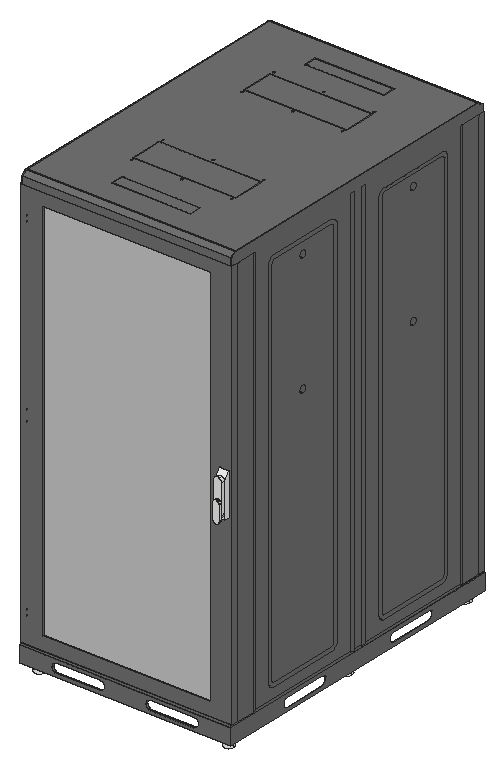
Revit family "800х1200", category Обобщенные модели, Revit 2019 (continued)
Definition of nested family "Дверь двустворчатая"
  Definition of nested family "Ручка"
    Forms (mm)
      Extrusion 2, solid, material <- "Материал Общий"
        sketch origin (0, 0, 0) x (1, 0, 0) y (0, 0, 1)
          loop
            line (-15, 710) -> (-15, 600)
            arc (-15, 600) -> (-10.607, 589.393) -> (0, 585) r 15
            arc (0, 585) -> (10.607, 589.393) -> (15, 600) r 15
            line (15, 600) -> (15, 710)
            arc (15, 710) -> (10.607, 720.607) -> (0, 725) r 15
        from 20 to 30
      Extrusion 3, solid, material <- "Материал Общий"
        sketch origin (0, 0, 0) x (1, 0, 0) y (0, 0, 1)
          loop
            line (-12, 638) -> (-12, 582)
            arc (-12, 582) -> (-8.485, 573.515) -> (0, 570) r 12
            arc (0, 570) -> (8.485, 573.515) -> (12, 582) r 12
            line (12, 582) -> (12, 638)
            arc (12, 638) -> (8.485, 646.485) -> (0, 650) r 12
            arc (0, 650) -> (-8.485, 646.485) -> (-12, 638) r 12
        from 30 to 38
    Cuts and joins
      joined: Blend 1, Extrusion 2, Extrusion 3
    Lines and regions (mm)
      model lines
        curve 1: line (-17, 0, 660) -> (17, 0, 660)
        curve 2: line (0, 0, 740) -> (0, 0, 580)
    Dimensions and locks
      locked: plane 4 to plane 1 "ТТТТ" at 20
      locked: plane 5 to plane 4 at 10
      locked: plane 6 to plane 5 at 8
      locked: plane 7 to plane 2 at 300
      aligned and locked: level to plane 2
      aligned and locked: plane 4 to Blend 1
      aligned and locked: Blend 1 to plane 1 "ТТТТ"
      aligned and locked: Extrusion 2 to plane 4
      aligned and locked: plane 5 to Extrusion 2
      aligned and locked: Extrusion 3 to plane 5
      aligned and locked: plane 6 to Extrusion 3
Definition of nested family "ЭУ_ДВЕРЬ"
  Parameters (values of type "ЭУ_ДВЕРЬ")
    Глубина_Р [instance] = ADSK_Размер_Ширина / 5  # 160 mm
    ADSK_Размер_Ширина [instance] = 800 mm
    ADSK_Размер_Высота [instance] = 972 mm
  Reference planes
    plane 1 "По центру (Вперед/Назад)": y = 0
    plane 2: z = 0
    plane 3 "По центру (Влево/Вправо)": x = 0
    plane 4: x = 400
    plane 5: x = -400
    plane 6: y = -486
    plane 7: y = 486
    plane 8: y = 446
    plane 9: y = -426
    plane 10: x = 300
    plane 11: x = -300
    plane 12: y = 366
    plane 13: y = -346
    plane 14: x = 350
    plane 15: y = -441
    plane 16: y = -471
    plane 17: x = -140
    plane 18: x = 140
  Lines and regions (mm)
    detail lines, in view "Опорный уровень"
      curve 1: line (-400, 486, 0) -> (400, 486, 0)
      curve 2: line (-400, -486, 0) -> (-400, 486, 0)
      curve 3: line (400, -486, 0) -> (-400, -486, 0)
      curve 4: line (400, 486, 0) -> (400, -486, 0)
      curve 5: line (-400, -426, 0) -> (400, -426, 0)
      curve 6: line (400, 446, 0) -> (-400, 446, 0)
      curve 7: line (-300, 366, 0) -> (300, 366, 0)
      curve 8: line (-300, -346, 0) -> (-300, 366, 0)
      curve 9: line (300, -346, 0) -> (-300, -346, 0)
      curve 10: line (300, 366, 0) -> (300, -346, 0)
      curve 11: circle (350, 0, 0) r 30 normal (0, 0, 1)
      curve 12: line (-300, -441, 0) -> (-140, -441, 0)
      curve 13: line (-140, -471, 0) -> (-300, -471, 0)
      curve 14: line (140, -441, 0) -> (300, -441, 0)
      curve 15: line (300, -471, 0) -> (140, -471, 0)
      curve 16: arc (-300, -441, 0) -> (-315, -456, 0) -> (-300, -471, 0) r 15
      curve 17: arc (-140, -441, 0) -> (-125, -456, 0) -> (-140, -471, 0) r 15
      curve 18: arc (140, -441, 0) -> (125, -456, 0) -> (140, -471, 0) r 15
      curve 19: arc (300, -441, 0) -> (315, -456, 0) -> (300, -471, 0) r 15
  Dimensions and locks
    equal spacing: plane 6, plane 1 "По центру (Вперед/Назад)", plane 7
    "ADSK_Размер_Высота": plane 7 to plane 6
    equal spacing: plane 5, plane 3 "По центру (Влево/Вправо)", plane 4
    "ADSK_Размер_Ширина": plane 5 to plane 4
    locked: plane 6 to plane 9 at 60
    locked: plane 7 to plane 8 at 40
    locked: plane 8 to plane 12 at 80
    locked: plane 9 to plane 13 at 80
    locked: plane 5 to plane 11 at 100
    locked: plane 10 to plane 4 at 100
    equal spacing: plane 10, plane 14, plane 4
    locked: plane 15 to plane 9 at 15
    locked: plane 6 to plane 16 at 15
    "Глубина_Р": plane 11 to plane 17
    "Глубина_Р": plane 18 to plane 10
    aligned and locked: curve 1 to plane 7
    aligned and locked: plane 5 to curve 2
    aligned and locked: curve 3 to plane 6
    aligned and locked: curve 4 to plane 4
    aligned and locked: plane 8 to curve 6
    aligned and locked: plane 9 to curve 5
    aligned and locked: curve 7 to plane 12
    aligned and locked: plane 11 to curve 8
    aligned and locked: curve 9 to plane 13
    aligned and locked: curve 10 to plane 10
    aligned and locked: plane 15 to curve 12
    aligned and locked: plane 15 to curve 14
    aligned and locked: curve 15 to plane 16
    aligned and locked: curve 13 to plane 16
  Automatic sketch dimensions
    curve 13 to plane 11 = 0 mm
    curve 17 to plane 17 = 0 mm
    curve 18 to plane 18 = 0 mm
    curve 14 to plane 10 = 0 mm
    plane 1 "По центру (Вперед/Назад)" to curve 11 = 0 mm
    curve 11 to plane 14 = 0 mm
    radius of curve 11 = 30 mm
Definition of nested family "ЭУ_БОК"
  Parameters (values of type "ЭУ_БОК")
    Глубина_Р [instance] = ADSK_Размер_Глубина / 6  # 166.667 mm
    ADSK_Размер_Глубина [instance] = 1000 mm
    ADSK_Размер_Высота [instance] = 1500 mm
  Reference planes
    plane 1 "По центру (Вперед/Назад)": y = 0
    plane 2: z = 0
    plane 3 "По центру (Влево/Вправо)": x = 0
    plane 4: x = 500
    plane 5: x = -500
    plane 6: y = -750
    plane 7: y = 750
    plane 8: y = 710
    plane 9: y = -690
    plane 10: x = 450
    plane 11: x = 395
    plane 12: y = 640
    plane 13: y = -620
    plane 14: y = 580
    plane 15: y = -560
    plane 16 "По центру (В/О": y = -20
    plane 17 "По центру (В/П": y = 0
    plane 18 "По центру (В/Р": y = 20
    plane 19: x = 475
    plane 20: y = -704
    plane 21: y = -736
    plane 22: x = -228.333
    plane 23: x = 228.333
    plane 24: x = 420
    plane 25: x = -450
    plane 26: x = -395
    plane 27: x = -475
    plane 28: x = -420
  Lines and regions (mm)
    detail lines, in view "Опорный уровень"
      curve 1: line (-500, 750, 0) -> (500, 750, 0)
      curve 2: line (500, 750, 0) -> (500, -750, 0)
      curve 3: line (500, -750, 0) -> (-500, -750, 0)
      curve 4: line (-500, -750, 0) -> (-500, 750, 0)
      curve 5: line (-500, -690, 0) -> (500, -690, 0)
      curve 6: line (-395, 710, 0) -> (-395, -690, 0)
      curve 7: line (395, 710, 0) -> (395, -690, 0)
      curve 8: line (500, 710, 0) -> (-500, 710, 0)
      curve 9: line (475, -690, 0) -> (475, 710, 0)
      curve 10: line (-228.333, -736, 0) -> (-420, -736, 0)
      curve 11: line (-420, -704, 0) -> (-228.333, -704, 0)
      curve 12: arc (-420, -736, 0) -> (-436, -720, 0) -> (-420, -704, 0) r 16
      curve 13: arc (-228.333, -704, 0) -> (-212.333, -720, 0) -> (-228.333, -736, 0) r 16
      curve 14: line (228.333, -704, 0) -> (395, -704, 0)
      curve 15: line (395, -736, 0) -> (228.333, -736, 0)
      curve 16: arc (228.333, -704, 0) -> (212.333, -720, 0) -> (228.333, -736, 0) r 16
      curve 17: arc (395, -704, 0) -> (411, -720, 0) -> (395, -736, 0) r 16
      curve 18: line (-475, -690, 0) -> (-475, 710, 0)
  Dimensions and locks
    equal spacing: plane 6, plane 1 "По центру (Вперед/Назад)", plane 7
    "ADSK_Размер_Высота": plane 7 to plane 6
    equal spacing: plane 5, plane 3 "По центру (Влево/Вправо)", plane 4
    "ADSK_Размер_Глубина": plane 5 to plane 4
    locked: plane 7 to plane 8 at 40
    locked: plane 6 to plane 9 at 60
    locked: plane 10 to plane 4 at 50
    locked: plane 11 to plane 10 at 55
    locked: plane 9 to plane 13 at 70
    locked: plane 8 to plane 12 at 70
    locked: plane 12 to plane 14 at 60
    locked: plane 13 to plane 15 at 60
    plane 18 "По центру (В/Р" to plane 17 "По центру (В/П" to plane 16 "По центру (В/О" = 20 mm locked, 20 mm locked
    locked: plane 19 to plane 4 at 25
    locked: plane 24 to plane 4 at 80
    "Глубина_Р": plane 23 to plane 11
    locked: plane 20 to plane 9 at 14
    locked: plane 6 to plane 21 at 14
    locked: plane 26 to plane 25 at 55
    locked: plane 5 to plane 25 at 50
    "Глубина_Р": plane 26 to plane 22
    locked: plane 5 to plane 27 at 25
    locked: plane 5 to plane 28 at 80
    aligned and locked: plane 5 to curve 4
    aligned and locked: curve 3 to plane 6
    aligned and locked: curve 2 to plane 4
    aligned and locked: curve 1 to plane 7
    aligned and locked: plane 9 to curve 5
    aligned and locked: curve 7 to plane 11
    aligned and locked: plane 8 to curve 8
    aligned and locked: plane 19 to curve 9
    aligned and locked: plane 20 to curve 11
    aligned and locked: curve 10 to plane 21
    aligned and locked: plane 20 to curve 14
    aligned and locked: curve 15 to plane 21
    aligned and locked: plane 26 to curve 6
    aligned and locked: curve 18 to plane 27
  Automatic sketch dimensions
    curve 12 to plane 28 = 0 mm
    curve 13 to plane 22 = 0 mm
    curve 16 to plane 23 = 0 mm
    curve 17 to plane 11 = 0 mm
Definition of nested family "ЭУ_ВВЕРХ"
  Parameters (values of type "ЭУ_ВВЕРХ")
    ADSK_Размер_Ширина [instance] = 600 mm
    ADSK_Размер_Глубина [instance] = 800 mm
  Reference planes
    plane 1 "По центру (Вперед/Назад)": y = 0
    plane 2: z = 0
    plane 3 "По центру (Влево/Вправо)": x = 0
    plane 4: x = 300
    plane 5: x = -300
    plane 6: y = -400
    plane 7: y = 400
    plane 8: y = 350
    plane 9: y = -350
    plane 10: x = -250
    plane 11: x = 250
    plane 12: x = 210
    plane 13: x = -210
    plane 14: y = 280
    plane 15: y = -280
    plane 16: y = 220
    plane 17: y = -220
    plane 18 "По центру (В/О": y = -100
    plane 19 "По центру (В/П": y = 0
    plane 20 "По центру (В/Р": y = 100
  Lines and regions (mm)
    detail lines, in view "Опорный уровень"
      curve 1: line (-300, 400, 0) -> (300, 400, 0)
      curve 2: line (300, 400, 0) -> (300, -400, 0)
      curve 3: line (300, -400, 0) -> (-300, -400, 0)
      curve 4: line (-300, -400, 0) -> (-300, 400, 0)
      curve 5: line (-210, 350, 0) -> (210, 350, 0)
      curve 6: line (-210, 280, 0) -> (-210, 350, 0)
      curve 7: line (210, 280, 0) -> (-210, 280, 0)
      curve 8: line (210, 350, 0) -> (210, 280, 0)
      curve 9: line (-210, -280, 0) -> (210, -280, 0)
      curve 10: line (-210, -350, 0) -> (-210, -280, 0)
      curve 11: line (210, -350, 0) -> (-210, -350, 0)
      curve 12: line (210, -280, 0) -> (210, -350, 0)
      curve 13: line (-250, -100, 0) -> (250, -100, 0)
      curve 14: line (-250, -220, 0) -> (-250, -100, 0)
      curve 15: line (250, -220, 0) -> (-250, -220, 0)
      curve 16: line (250, -100, 0) -> (250, -220, 0)
      curve 17: line (-250, 220, 0) -> (250, 220, 0)
      curve 18: line (-250, 100, 0) -> (-250, 220, 0)
      curve 19: line (250, 100, 0) -> (-250, 100, 0)
      curve 20: line (250, 220, 0) -> (250, 100, 0)
  Dimensions and locks
    equal spacing: plane 6, plane 1 "По центру (Вперед/Назад)", plane 7
    "ADSK_Размер_Глубина": plane 7 to plane 6
    equal spacing: plane 5, plane 3 "По центру (Влево/Вправо)", plane 4
    "ADSK_Размер_Ширина": plane 5 to plane 4
    locked: plane 7 to plane 8 at 50
    locked: plane 6 to plane 9 at 50
    locked: plane 5 to plane 10 at 50
    locked: plane 11 to plane 4 at 50
    locked: plane 10 to plane 13 at 40
    locked: plane 12 to plane 11 at 40
    locked: plane 9 to plane 15 at 70
    locked: plane 8 to plane 14 at 70
    locked: plane 14 to plane 16 at 60
    locked: plane 15 to plane 17 at 60
    plane 20 "По центру (В/Р" to plane 19 "По центру (В/П" to plane 18 "По центру (В/О" = 100 mm locked, 100 mm locked
    aligned and locked: plane 5 to curve 4
    aligned and locked: curve 3 to plane 6
    aligned and locked: curve 2 to plane 4
    aligned and locked: curve 1 to plane 7
    aligned and locked: curve 5 to plane 8
    aligned and locked: plane 13 to curve 6
    aligned and locked: plane 14 to curve 7
    aligned and locked: curve 8 to plane 12
    aligned and locked: plane 15 to curve 9
    aligned and locked: plane 13 to curve 10
    aligned and locked: curve 11 to plane 9
    aligned and locked: curve 12 to plane 12
    aligned and locked: plane 18 "По центру (В/О" to curve 13
    aligned and locked: plane 10 to curve 14
    aligned and locked: curve 15 to plane 17
    aligned and locked: curve 16 to plane 11
    aligned and locked: curve 17 to plane 16
    aligned and locked: plane 20 "По центру (В/Р" to curve 19
    aligned and locked: plane 10 to curve 18
    aligned and locked: curve 20 to plane 11
Types (12, lengths in mm): name | Описание | Не двустворчатая дверь | Материал крепежей | Материал каркаса | Двустворчатая дверь | Высота окна | ADSK_Размер_Высота | ADSK_Наименование краткое | ADSK_Наименование | ADSK_Масса_Текст | ADSK_Марка | ADSK_Код изделия | ADSK_URL страницы изделия
  ШТ-НП-С-33U-800-1200-ПП-Ч | "Шкаф телекоммуникационный напольный серверный 19&quot;. 33U(800x1200) . ШТ-НП-С-33U-800-1200-ПП-Ч передняя перф. задняя перф. черн." | yes | Металл черный | Металл черный | no | 1558 | 1667 | "ШТ-НП-С-33U-800-1200-ПП-Ч" | "Шкаф телекоммуникационный напольный серверный 19&quot;. 33U(800x1200) . ШТ-НП-С-33U-800-1200-ПП-Ч передняя перф. задняя перф. черн." | "122.0" | "ШТ-НП-С-33U-800-1200-ПП-Ч" | "130411-01382" | "https://www.ssd.ru/shkaf-telekommunikatsionnyy-napolnyy-servernyy-19-quot-33u-800x1200-sht-np-s-33u-800-1200-pp-ch-pere"
  ШТ-НП-С-33U-800-1200-П2П-Ч | "Шкаф телекоммуникационный напольный серверный 19&quot;. 33U(800x1200) . ШТ-НП-С-33U-800-1200-П2П-Ч передняя перф. задняя двустворчатая перф. черн." | no | Металл черный | Металл черный | yes | 1558 | 1667 | "ШТ-НП-С-33U-800-1200-П2П-Ч" | "Шкаф телекоммуникационный напольный серверный 19&quot;. 33U(800x1200) . ШТ-НП-С-33U-800-1200-П2П-Ч передняя перф. задняя двустворчатая перф. черн." | "122.0" | "ШТ-НП-С-33U-800-1200-П2П-Ч" | "130411-01383" | "https://www.ssd.ru/shkaf-telekommunikatsionnyy-napolnyy-servernyy-19-quot-33u-800x1200-sht-np-s-33u-800-1200-p2p-ch-per"
  ШТ-НП-С-42U-800-1200-ПП-Ч | "Шкаф телекоммуникационный напольный серверный 19&quot;.42U(800x1200) . ШТ-НП-С-42U-800-1200-ПП-Ч передняя и задняя дверь перфорированная черн." | yes | Металл черный | Металл черный | no | 1958 | 2067 | "ШТ-НП-С-42U-800-1200-ПП-Ч" | "Шкаф телекоммуникационный напольный серверный 19&quot;.42U(800x1200) . ШТ-НП-С-42U-800-1200-ПП-Ч передняя и задняя дверь перфорированная черн." | "140.0" | "ШТ-НП-С-42U-800-1200-ПП-Ч" | "130411-01384" | "https://www.ssd.ru/shkaf-telekommunikatsionnyy-napolnyy-servernyy-19-quot-42u-800x1200-sht-np-s-42u-800-1200-pp-ch-pere"
  ШТ-НП-С-42U-800-1200-П2П-Ч | "Шкаф телекоммуникационный напольный серверный 19&quot;.42U(800x1200) . ШТ-НП-С-42U-800-1200-П2П.чёр. передняя дверь перфорированная.задняя перф.двойная." | no | Металл черный | Металл черный | yes | 1958 | 2067 | "ШТ-НП-С-42U-800-1200-П2П-Ч" | "Шкаф телекоммуникационный напольный серверный 19&quot;.42U(800x1200) . ШТ-НП-С-42U-800-1200-П2П.чёр. передняя дверь перфорированная.задняя перф.двойная." | "140.0" | "ШТ-НП-С-42U-800-1200-П2П-Ч" | "130411-01126" | "https://www.ssd.ru/shkaf-telekommunikatsionnyy-napolnyy-servernyy-19-quot-42u-800x1200-sht-np-s-42u-800-1200-p2p-chyer-"
  ШТ-НП-С-47U-800-1200-ПП-Ч | "Шкаф телекоммуникационный напольный серверный 19&quot;.47U(800x1200) . ШТ-НП-С-47U-800-1200-ПП-Ч передняя и задняя дверь перфорированная черн." | yes | Металл черный | Металл черный | no | 2180 | 2289 | "ШТ-НП-С-47U-800-1200-ПП-Ч" | "Шкаф телекоммуникационный напольный серверный 19&quot;.47U(800x1200) . ШТ-НП-С-47U-800-1200-ПП-Ч передняя и задняя дверь перфорированная черн." | "150.0" | "ШТ-НП-С-47U-800-1200-ПП-Ч" | "130411-01385" | "https://www.ssd.ru/shkaf-telekommunikatsionnyy-napolnyy-servernyy-19-quot-47u-800x1200-sht-np-s-47u-800-1200-pp-ch-pere"
  ШТ-НП-С-47U-800-1200-П2П-Ч | "Шкаф телекоммуникационный напольный серверный 19&quot;. 47U(800x1200) . ШТ-НП-С-47U-800-1200-П2П-Ч передняя перф. задняя двустворчатая перф. черн." | no | Металл черный | Металл черный | yes | 2180 | 2289 | "ШТ-НП-С-47U-800-1200-П2П-Ч" | "Шкаф телекоммуникационный напольный серверный 19&quot;. 47U(800x1200) . ШТ-НП-С-47U-800-1200-П2П-Ч передняя перф. задняя двустворчатая перф. черн." | "150.0" | "ШТ-НП-С-47U-800-1200-П2П-Ч" | "130411-01386" | "https://www.ssd.ru/shkaf-telekommunikatsionnyy-napolnyy-servernyy-19-quot-47u-800x1200-sht-np-s-47u-800-1200-p2p-ch-per"
  ШТ-НП-С-33U-800-1200-ПП | "Шкаф телекоммуникационный напольный серверный 19&quot;.33U(800x1200) . ШТ-НП-С-33U-800-1200-ПП передняя.задняя двери перфорированные ССД" | yes | Металл | Металл | no | 1558 | 1667 | "ШТ-НП-С-33U-800-1200-ПП" | "Шкаф телекоммуникационный напольный серверный 19&quot;.33U(800x1200) . ШТ-НП-С-33U-800-1200-ПП передняя.задняя двери перфорированные ССД" | "122.0" | "ШТ-НП-С-33U-800-1200-ПП" | "130411-00933" | "https://www.ssd.ru/shkaf-telekommunikatsionnyy-napolnyy-servernyy-19-quot-33u-800x1200-sht-np-s-33u-800-1200-pp-perednya"
  ШТ-НП-С-33U-800-1200-П2П | "Шкаф телекоммуникационный напольный серверный 19&quot;.33U(800x1200) . ШТ-НП-С-33U-800-1200-П2П передняя дверь перфорипрованная.задняя перф.двойная. ССД" | no | Металл | Металл | yes | 1558 | 1667 | "ШТ-НП-С-33U-800-1200-П2П" | "Шкаф телекоммуникационный напольный серверный 19&quot;.33U(800x1200) . ШТ-НП-С-33U-800-1200-П2П передняя дверь перфорипрованная.задняя перф.двойная. ССД" | "122.0" | "ШТ-НП-С-33U-800-1200-П2П" | "130411-00934" | "https://www.ssd.ru/shkaf-telekommunikatsionnyy-napolnyy-servernyy-19-quot-33u-800x1200-sht-np-s-33u-800-1200-p2p-peredn"
  ШТ-НП-С-42U-800-1200-ПП | "Шкаф телекоммуникационный напольный серверный 19&quot;.42U(800x1200) . ШТ-НП-С-42U-800-1200-ПП передняя.задняя двери перфорированные ССД" | yes | Металл | Металл | no | 1958 | 2067 | "ШТ-НП-С-42U-800-1200-ПП" | "Шкаф телекоммуникационный напольный серверный 19&quot;.42U(800x1200) . ШТ-НП-С-42U-800-1200-ПП передняя.задняя двери перфорированные ССД" | "140.0" | "ШТ-НП-С-42U-800-1200-ПП" | "130411-00935" | "https://www.ssd.ru/shkaf-telekommunikatsionnyy-napolnyy-servernyy-19-quot-42u-800x1200-sht-np-s-42u-800-1200-pp-perednya"
  ШТ-НП-С-42U-800-1200-П2П | "Шкаф телекоммуникационный напольный серверный 19&quot;.42U(800x1200) . ШТ-НП-С-42U-800-1200-П2П передняя дверь перфорипрованная.задняя перф.двойная. ССД" | no | Металл | Металл | yes | 1958 | 2067 | "ШТ-НП-С-42U-800-1200-П2П" | "Шкаф телекоммуникационный напольный серверный 19&quot;.42U(800x1200) . ШТ-НП-С-42U-800-1200-П2П передняя дверь перфорипрованная.задняя перф.двойная. ССД" | "140.0" | "ШТ-НП-С-42U-800-1200-П2П" | "130411-00936" | "https://www.ssd.ru/shkaf-telekommunikatsionnyy-napolnyy-servernyy-19-quot-42u-800x1200-sht-np-s-42u-800-1200-p2p-peredn"
  ШТ-НП-С-47U-800-1200-ПП | "Шкаф телекоммуникационный напольный серверный 19&quot;.47U(800x1200) . ШТ-НП-С-47U-800-1200-ПП передняя.задняя двери перфорированные ССД" | yes | Металл | Металл | no | 2180 | 2289 | "ШТ-НП-С-47U-800-1200-ПП" | "Шкаф телекоммуникационный напольный серверный 19&quot;.47U(800x1200) . ШТ-НП-С-47U-800-1200-ПП передняя.задняя двери перфорированные ССД" | "150.0" | "ШТ-НП-С-47U-800-1200-ПП" | "130411-00937" | "https://www.ssd.ru/shkaf-telekommunikatsionnyy-napolnyy-servernyy-19-quot-47u-800x1200-sht-np-s-47u-800-1200-pp-perednya"
  ШТ-НП-С-47U-800-1200-П2П | "Шкаф телекоммуникационный напольный серверный 19&quot;.47U(800x1200) . ШТ-НП-С-47U-800-1200-П2П передняя дверь перфорипрованная.задняя перф.двойная. ССД" | no | Металл | Металл | yes | 2180 | 2289 | "ШТ-НП-С-47U-800-1200-П2П" | "Шкаф телекоммуникационный напольный серверный 19&quot;.47U(800x1200) . ШТ-НП-С-47U-800-1200-П2П передняя дверь перфорипрованная.задняя перф.двойная. ССД" | "150.0" | "ШТ-НП-С-47U-800-1200-П2П" | "130411-00938" | "https://www.ssd.ru/shkaf-telekommunikatsionnyy-napolnyy-servernyy-19-quot-47u-800x1200-sht-np-s-47u-800-1200-p2p-peredn"
